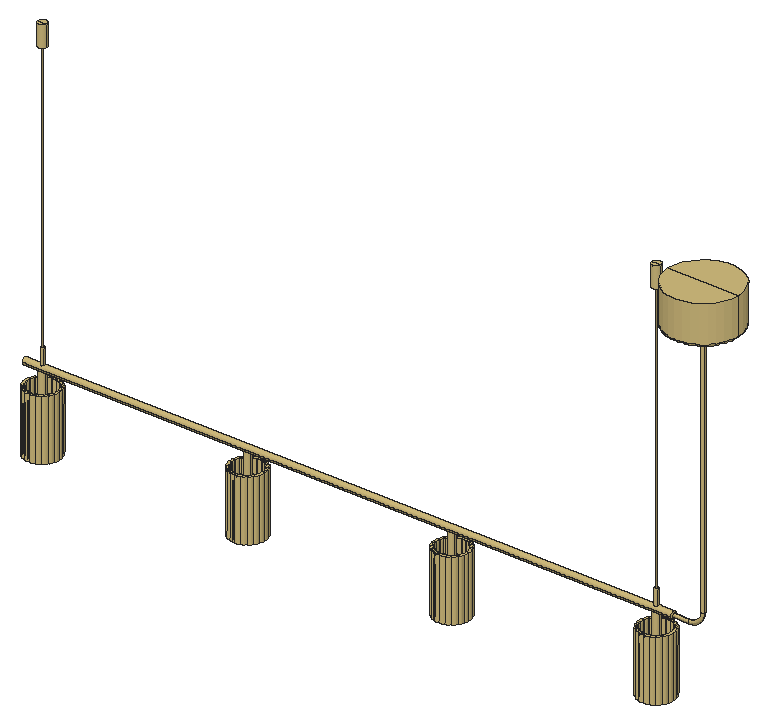
Revit family "Lighting_Pendants_Pholc_Donna_Straight", category Lighting Fixtures, host Ceiling, Revit 2017 (continued)
Definition of nested family "Donna_Straight"
  Automatic sketch dimensions
    curve 298 to curve 347 = 4.222 mm
    curve 321 to curve 315 = 4.095 mm
    curve 334 to curve 308 = 4.095 mm
    curve 315 to curve 323 = 5.176 mm
    curve 308 to curve 332 = 5.176 mm
    curve 332 to curve 331 = 2.612 mm
    curve 323 to curve 324 = 2.612 mm
    curve 309 to curve 330 = 5.751 mm
    curve 314 to curve 325 = 5.751 mm
    curve 330 to curve 310 = 0.875 mm
    curve 325 to curve 313 = 0.875 mm
    curve 313 to curve 312 = 4.813 mm
    curve 310 to curve 311 = 4.813 mm
    curve 311 to curve 328 = 0.949 mm
    curve 312 to curve 327 = 0.949 mm
    curve 240 to curve 240 = 3.271 mm
    curve 224 to curve 224 = 3.271 mm
    curve 164 to curve 164 = 3.271 mm
    curve 294 to curve 294 = 3.271 mm
    curve 278 to curve 278 = 3.271 mm
    curve 342 to curve 342 = 3.271 mm
    plane 1 "Center (Front/Back)" to curve 180 = 9.271 mm
    curve 304 to curve 342 = 2.612 mm
    curve 250 to curve 294 = 2.612 mm
    curve 143 to curve 164 = 2.612 mm
    curve 136 to curve 180 = 2.612 mm
    curve 225 to curve 224 = 2.612 mm
    curve 279 to curve 278 = 2.612 mm
    plane 1 "Center (Front/Back)" to curve 311 = 11.883 mm
    curve 196 to curve 240 = 2.612 mm
    curve 280 to curve 257 = 5.751 mm
    curve 292 to curve 293 = 5.751 mm
    curve 340 to curve 304 = 5.751 mm
    curve 328 to curve 311 = 5.751 mm
    curve 178 to curve 136 = 5.751 mm
    curve 226 to curve 203 = 5.751 mm
    curve 238 to curve 196 = 5.751 mm
    curve 166 to curve 143 = 5.751 mm
    curve 339 to curve 340 = 0.875 mm
    curve 177 to curve 178 = 0.875 mm
    curve 291 to curve 292 = 0.875 mm
    curve 142 to curve 166 = 0.875 mm
    curve 281 to curve 280 = 0.875 mm
    curve 237 to curve 238 = 0.875 mm
    curve 310 to curve 328 = 0.875 mm
    curve 202 to curve 226 = 0.875 mm
    curve 175 to curve 177 = 4.813 mm
    curve 252 to curve 291 = 4.813 mm
    curve 283 to curve 281 = 4.813 mm
    curve 309 to curve 329 = 4.813 mm
    curve 198 to curve 197 = 4.813 mm
    curve 141 to curve 142 = 4.813 mm
    curve 201 to curve 202 = 4.813 mm
    curve 306 to curve 305 = 4.813 mm
    curve 282 to curve 255 = 0.949 mm
    curve 290 to curve 291 = 5.762 mm
    curve 338 to curve 305 = 5.762 mm
    curve 236 to curve 197 = 5.762 mm
    curve 168 to curve 141 = 0.949 mm
    curve 176 to curve 177 = 5.762 mm
    curve 228 to curve 229 = 0.949 mm
    curve 330 to curve 329 = 5.762 mm
    curve 173 to curve 138 = 2.531 mm
    curve 199 to curve 198 = 2.531 mm
    curve 308 to curve 309 = 2.531 mm
    curve 139 to curve 171 = 0 mm
    curve 253 to curve 289 = 2.531 mm
    curve 231 to curve 201 = 2.531 mm
    curve 307 to curve 306 = 2.531 mm
    curve 254 to curve 283 = 2.531 mm
    curve 230 to curve 201 = 5.21 mm
    curve 336 to curve 307 = 2.679 mm
    curve 174 to curve 139 = 2.679 mm
    curve 170 to curve 141 = 5.21 mm
    curve 234 to curve 199 = 2.679 mm
    curve 284 to curve 283 = 5.21 mm
    curve 288 to curve 289 = 5.21 mm
    curve 332 to curve 309 = 5.21 mm
    curve 286 to curve 285 = 4.148 mm
    curve 334 to curve 308 = 4.148 mm
    curve 232 to curve 200 = 4.148 mm
    curve 172 to curve 140 = 4.148 mm
    curve 180 to curve 185 = 3.271 mm
    curve 342 to curve 303 = 1.905 mm
    curve 180 to curve 135 = 1.905 mm
    curve 224 to curve 204 = 1.905 mm
    curve 240 to curve 195 = 1.905 mm
    curve 278 to curve 258 = 1.905 mm
    curve 294 to curve 249 = 1.905 mm
    curve 259 to curve 277 = 1.905 mm
    curve 194 to curve 241 = 1.905 mm
    curve 205 to curve 223 = 1.905 mm
    curve 134 to plane 1 "Center (Front/Back)" = 4.095 mm
    curve 302 to curve 343 = 1.905 mm
    curve 248 to curve 295 = 1.905 mm
    curve 184 to plane 1 "Center (Front/Back)" = 6 mm
    curve 223 to curve 223 = 3.271 mm
    curve 241 to curve 241 = 3.271 mm
    curve 343 to curve 343 = 3.271 mm
    curve 295 to curve 295 = 3.271 mm
    curve 163 to curve 163 = 3.271 mm
    curve 277 to curve 277 = 3.271 mm
    curve 181 to curve 181 = 3.271 mm
    curve 343 to curve 344 = 2.612 mm
    curve 181 to curve 133 = 2.612 mm
    curve 223 to curve 206 = 2.612 mm
    curve 312 to plane 1 "Center (Front/Back)" = 11.883 mm
    curve 241 to curve 193 = 2.612 mm
    curve 295 to curve 296 = 2.612 mm
    curve 277 to curve 260 = 2.612 mm
    curve 163 to curve 162 = 2.612 mm
    curve 301 to curve 345 = 5.751 mm
    curve 260 to curve 275 = 5.751 mm
    curve 146 to curve 161 = 5.751 mm
    curve 247 to curve 297 = 5.751 mm
    curve 133 to curve 183 = 5.751 mm
    curve 193 to curve 243 = 5.751 mm
    curve 206 to curve 221 = 5.751 mm
    curve 312 to curve 327 = 5.751 mm
    curve 275 to curve 274 = 0.875 mm
    curve 327 to curve 313 = 0.875 mm
    curve 183 to curve 150 = 0.875 mm
    curve 161 to curve 160 = 0.875 mm
    curve 297 to curve 246 = 0.875 mm
    curve 243 to curve 210 = 0.875 mm
    curve 345 to curve 300 = 0.875 mm
    curve 221 to curve 207 = 0.875 mm
    curve 313 to curve 314 = 4.813 mm
    curve 132 to curve 152 = 4.813 mm
    curve 300 to curve 299 = 4.813 mm
    curve 264 to curve 245 = 4.813 mm
    curve 207 to curve 208 = 4.813 mm
    curve 210 to curve 212 = 4.813 mm
    curve 147 to curve 148 = 4.813 mm
    curve 274 to curve 272 = 4.813 mm
    curve 264 to curve 265 = 5.762 mm
    curve 208 to curve 219 = 0.949 mm
    curve 210 to curve 211 = 5.762 mm
    curve 314 to curve 325 = 0.949 mm
    curve 300 to curve 317 = 5.762 mm
    curve 262 to curve 273 = 0.949 mm
    curve 148 to curve 159 = 0.949 mm
    curve 132 to curve 151 = 5.762 mm
    curve 245 to curve 268 = 2.531 mm
    curve 131 to curve 130 = 2.531 mm
    curve 148 to curve 156 = 2.531 mm
    curve 212 to curve 214 = 2.531 mm
    curve 190 to curve 216 = 0 mm
    curve 314 to curve 322 = 2.531 mm
    curve 299 to curve 320 = 2.531 mm
    curve 244 to curve 263 = 0 mm
    curve 318 to curve 319 = 5.21 mm
    curve 152 to curve 153 = 5.21 mm
    curve 245 to curve 267 = 5.21 mm
    curve 212 to curve 213 = 5.21 mm
    curve 263 to curve 271 = 2.679 mm
    curve 149 to curve 157 = 2.679 mm
    curve 209 to curve 217 = 2.679 mm
    curve 315 to curve 323 = 2.679 mm
    curve 209 to curve 215 = 4.148 mm
    curve 130 to curve 155 = 4.148 mm
    curve 263 to curve 269 = 4.148 mm
    curve 315 to curve 321 = 4.148 mm
    curve 184 to curve 134 = 0.512 mm
    curve 184 to curve 135 = 0.512 mm
    curve 135 to curve 180 = 0 mm
    curve 134 to curve 181 = 0 mm
    curve 180 to curve 135 = 0.376 mm
    curve 181 to curve 134 = 0.376 mm
    curve 179 to curve 180 = 0 mm
    curve 182 to curve 181 = 0 mm
    curve 136 to curve 178 = 0 mm
    curve 132 to curve 183 = 0 mm
    curve 183 to curve 182 = 0 mm
    curve 178 to curve 179 = 0 mm
    curve 150 to curve 183 = 0 mm
    curve 177 to curve 178 = 0 mm
    curve 151 to curve 150 = 0 mm
    curve 176 to curve 177 = 0 mm
    curve 131 to curve 151 = 0 mm
    curve 137 to curve 176 = 0 mm
    curve 175 to curve 176 = 0 mm
    curve 152 to curve 151 = 0 mm
    curve 153 to curve 152 = 0 mm
    curve 174 to curve 175 = 0 mm
    curve 130 to curve 153 = 0 mm
    curve 139 to curve 174 = 0 mm
    curve 154 to curve 153 = 0 mm
    curve 173 to curve 174 = 0 mm
    curve 363 to curve 187 = 5.292 mm
    curve 172 to curve 173 = 0 mm
    curve 155 to curve 154 = 0 mm
    curve 140 to curve 172 = 0 mm
    curve 130 to curve 155 = 0 mm
    curve 171 to curve 172 = 0 mm
    curve 156 to curve 155 = 0 mm
    curve 157 to curve 156 = 0 mm
    curve 170 to curve 171 = 0 mm
    curve 149 to curve 157 = 0 mm
    curve 141 to curve 170 = 0 mm
    curve 169 to curve 170 = 0 mm
    curve 158 to curve 157 = 0 mm
    curve 159 to curve 158 = 0 mm
    curve 168 to curve 169 = 0 mm
    curve 142 to curve 168 = 0 mm
    curve 147 to curve 159 = 0 mm
    curve 160 to curve 159 = 0 mm
    curve 167 to curve 168 = 0 mm
    curve 166 to curve 167 = 0 mm
    curve 161 to curve 160 = 0 mm
    curve 165 to curve 166 = 0 mm
    curve 162 to curve 161 = 0 mm
    curve 147 to curve 161 = 0 mm
    curve 143 to curve 166 = 0 mm
    curve 164 to curve 165 = 0 mm
    curve 163 to curve 162 = 0 mm
    curve 145 to curve 163 = 0 mm
    curve 143 to curve 164 = 0 mm
    curve 195 to curve 240 = 0 mm
    curve 194 to curve 241 = 0 mm
    curve 241 to curve 194 = 0.376 mm
    curve 240 to curve 195 = 0.376 mm
    curve 242 to curve 241 = 0 mm
    curve 239 to curve 240 = 0 mm
    curve 196 to curve 238 = 0 mm
    curve 193 to curve 243 = 0 mm
    curve 238 to curve 239 = 0 mm
    curve 243 to curve 242 = 0 mm
    curve 210 to curve 243 = 0 mm
    curve 237 to curve 238 = 0 mm
    curve 236 to curve 237 = 0 mm
    curve 211 to curve 210 = 0 mm
    curve 197 to curve 236 = 0 mm
    curve 191 to curve 211 = 0 mm
    curve 235 to curve 236 = 0 mm
    curve 212 to curve 211 = 0 mm
    curve 234 to curve 235 = 0 mm
    curve 213 to curve 212 = 0 mm
    curve 199 to curve 234 = 0 mm
    curve 191 to curve 213 = 0 mm
    curve 233 to curve 234 = 0 mm
    curve 214 to curve 213 = 0 mm
    curve 232 to curve 233 = 0 mm
    curve 215 to curve 214 = 0 mm
    curve 200 to curve 232 = 0 mm
    curve 190 to curve 215 = 0 mm
    curve 231 to curve 232 = 0 mm
    curve 216 to curve 215 = 0 mm
    curve 230 to curve 231 = 0 mm
    curve 217 to curve 216 = 0 mm
    curve 208 to curve 217 = 0 mm
    curve 201 to curve 230 = 0 mm
    curve 218 to curve 217 = 0 mm
    curve 229 to curve 230 = 0 mm
    curve 219 to curve 218 = 0 mm
    curve 228 to curve 229 = 0 mm
    curve 201 to curve 228 = 0 mm
    curve 207 to curve 219 = 0 mm
    curve 220 to curve 219 = 0 mm
    curve 227 to curve 228 = 0 mm
    curve 226 to curve 227 = 0 mm
    curve 221 to curve 220 = 0 mm
    curve 222 to curve 221 = 0 mm
    curve 225 to curve 226 = 0 mm
    curve 206 to curve 221 = 0 mm
    curve 202 to curve 226 = 0 mm
    curve 224 to curve 225 = 0 mm
    curve 223 to curve 222 = 0 mm
    curve 247 to curve 295 = 0 mm
    curve 250 to curve 294 = 0 mm
    curve 294 to curve 249 = 0.376 mm
    curve 295 to curve 248 = 0.376 mm
    curve 296 to curve 295 = 0 mm
    curve 293 to curve 294 = 0 mm
    curve 250 to curve 292 = 0 mm
    curve 246 to curve 297 = 0 mm
    curve 297 to curve 296 = 0 mm
    curve 292 to curve 293 = 0 mm
    curve 264 to curve 297 = 0 mm
    curve 291 to curve 292 = 0 mm
    curve 265 to curve 264 = 0 mm
    curve 290 to curve 291 = 0 mm
    curve 246 to curve 265 = 0 mm
    curve 251 to curve 290 = 0 mm
    curve 289 to curve 290 = 0 mm
    curve 266 to curve 265 = 0 mm
    curve 288 to curve 289 = 0 mm
    curve 267 to curve 266 = 0 mm
    curve 245 to curve 267 = 0 mm
    curve 253 to curve 288 = 0 mm
    curve 268 to curve 267 = 0 mm
    curve 287 to curve 288 = 0 mm
    curve 269 to curve 268 = 0 mm
    curve 286 to curve 287 = 0 mm
    curve 263 to curve 269 = 0 mm
    curve 253 to curve 286 = 0 mm
    curve 285 to curve 286 = 0 mm
    curve 270 to curve 269 = 0 mm
    curve 284 to curve 285 = 0 mm
    curve 271 to curve 270 = 0 mm
    curve 262 to curve 271 = 0 mm
    curve 254 to curve 284 = 0 mm
    curve 283 to curve 284 = 0 mm
    curve 272 to curve 271 = 0 mm
    curve 282 to curve 283 = 0 mm
    curve 273 to curve 272 = 0 mm
    curve 256 to curve 282 = 0 mm
    curve 261 to curve 273 = 0 mm
    curve 281 to curve 282 = 0 mm
    curve 274 to curve 273 = 0 mm
    curve 280 to curve 281 = 0 mm
    curve 275 to curve 274 = 0 mm
    curve 279 to curve 280 = 0 mm
    curve 276 to curve 275 = 0 mm
    curve 257 to curve 280 = 0 mm
    curve 261 to curve 275 = 0 mm
    curve 278 to curve 279 = 0 mm
    curve 277 to curve 276 = 0 mm
    curve 304 to curve 342 = 0 mm
    curve 302 to curve 343 = 0 mm
    curve 342 to curve 303 = 0.376 mm
    curve 343 to curve 302 = 0.376 mm
    curve 341 to curve 342 = 0 mm
    curve 344 to curve 343 = 0 mm
    curve 304 to curve 340 = 0 mm
    curve 300 to curve 345 = 0 mm
    curve 340 to curve 341 = 0 mm
    curve 345 to curve 344 = 0 mm
    curve 339 to curve 340 = 0 mm
    curve 316 to curve 345 = 0 mm
    curve 317 to curve 316 = 0 mm
    curve 338 to curve 339 = 0 mm
    curve 306 to curve 338 = 0 mm
    curve 300 to curve 317 = 0 mm
    curve 318 to curve 317 = 0 mm
    curve 337 to curve 338 = 0 mm
    curve 319 to curve 318 = 0 mm
    curve 336 to curve 337 = 0 mm
    curve 298 to curve 319 = 0 mm
    curve 306 to curve 336 = 0 mm
    curve 335 to curve 336 = 0 mm
    curve 320 to curve 319 = 0 mm
    curve 358 to curve 347 = 5.292 mm
    curve 321 to curve 320 = 0 mm
    curve 334 to curve 335 = 0 mm
    curve 307 to curve 334 = 0 mm
    curve 315 to curve 321 = 0 mm
    curve 333 to curve 334 = 0 mm
    curve 322 to curve 321 = 0 mm
    curve 353 to plane 1 "Center (Front/Back)" = 6 mm
    plane 1 "Center (Front/Back)" to curve 359 = 6 mm
    curve 332 to curve 333 = 0 mm
    curve 323 to curve 322 = 0 mm
    curve 315 to curve 323 = 0 mm
    curve 308 to curve 332 = 0 mm
    curve 331 to curve 332 = 0 mm
    curve 324 to curve 323 = 0 mm
    curve 330 to curve 331 = 0 mm
    curve 325 to curve 324 = 0 mm
    curve 309 to curve 330 = 0 mm
    curve 313 to curve 325 = 0 mm
    curve 329 to curve 330 = 0 mm
    curve 326 to curve 325 = 0 mm
    curve 327 to curve 326 = 0 mm
    curve 328 to curve 329 = 0 mm
    curve 359 to curve 311 = 0.917 mm
    curve 312 to curve 327 = 0 mm
    curve 310 to curve 328 = 0 mm
    curve 327 to curve 312 = 0.28 mm
    curve 346 to curve 360 = 0 mm  (x2)
    curve 346 to curve 311 = 0 mm
    curve 360 to curve 311 = 0 mm
    plane 7 to Extrusion 9 sketch curve = 0 mm
    Extrusion 9 sketch curve to plane 8 = 0 mm
    Extrusion 9 sketch curve to plane 4 = 0 mm
    plane 6 to Extrusion 9 sketch curve = 0 mm
    radius of Extrusion 1 sketch curve = 6 mm
    radius of Sweep 4 sketch curve = 3 mm
    radius of Sweep 8 sketch curve = 1 mm  (x2)
  Nested families
    nested 1: "Donna_LightSource" at (507.872, 0, 0), Metal <- "Metal", type "Donna_LightSource", detail levels medium+fine
      with Metal none
    nested 2: "Donna_LightSource" at (129.872, 0, 0), Metal <- "Metal", type "Donna_LightSource", detail levels medium+fine
      with Metal none
    nested 3: "Donna_LightSource" at (-248.128, 0, 0), Metal <- "Metal", type "Donna_LightSource", detail levels medium+fine
      with Metal none
    nested 4: "Donna_LightSource" at (-628.128, 0, 0), Metal <- "Metal", type "Donna_LightSource", detail levels medium+fine
      with Metal none
  Definition of nested family "Donna_LightSource"
    Parameters (values of type "Donna_LightSource")
      Wattage = 9.2903 W
      built-in parameter 1150110 = 1 (stored number, unit not read)
      built-in parameter 1114217 = 1 (stored number, unit not read)
      Tilt Angle = 90.00°
      built-in parameter 1150109 = 1 (stored number, unit not read)
      built-in parameter 1150134 = (empty or 0)
      built-in parameter 1150113 = 1 (stored number, unit not read)
      built-in parameter 1010507 = 1.5708 (stored number, unit not read)
      built-in parameter 1010506 = 0.5236 (stored number, unit not read)
      Metal [instance] = none
      Lumens = 1380 lm
      built-in parameter 1150115 = 1 (stored number, unit not read)
      built-in parameter 1150105 = 4614.1 (stored number, unit not read)
      Light Source Symbol Length = 1000 mm
      built-in parameter 1150137 = (empty or 0)
      built-in parameter 1150139 = (empty or 0)
      built-in parameter 1150112 = 1 (stored number, unit not read)
      built-in parameter 1150114 = 1 (stored number, unit not read)
      built-in parameter 1150132 = 2
      built-in parameter 1150102 = (empty or 0)
      built-in parameter 1150138 = (empty or 0)
      built-in parameter 1150107 = 3000 (stored number, unit not read)
      built-in parameter 1150106 = 46.141 (stored number, unit not read)
      built-in parameter 1150104 = 13.8 (stored number, unit not read)
      Dimming Lamp Color Temperature Shift = (empty or 0)
      Color Filter = 16777215
      built-in parameter 1114218 = 1 (stored number, unit not read)
      built-in parameter 1150133 = 10 (stored number, unit not read)
    Reference planes
      plane 1 "Light Source Axis (F/B)": y = 0
      plane 2: z = 0
      plane 3 "Light Source Axis (L/R)": x = 0
      plane 4 "Light Source Elevation": z = 84
    Forms (mm)
      Revolve 1, solid, material <- "Metal"
        sketch origin (0, 0, 0) x (1, 0, 0) y (0, 0, 1)
          loop
            line (0, 141) -> (-6, 141) -> (-6, 86) -> (-28, 86) -> (-28, 84) -> (0, 84) -> (0, 141)
          axis (0, 84) -> (0, 141)
        angle from 0 to 360
      Extrusion 2, solid, material <- "Metal"
        sketch origin (-31.667, -40.875, 0) x (1, 0, 0) y (0, 1, 0)
          loop
            arc (31.667, 70.875) -> (26.661, 72.484) -> (22.397, 69.407) r 5.828
            arc (22.397, 69.407) -> (17.138, 69.39) -> (14.034, 65.146) r 5.828
            arc (14.034, 65.146) -> (9.038, 63.505) -> (7.397, 58.509) r 5.828
            arc (7.397, 58.509) -> (3.153, 55.404) -> (3.136, 50.146) r 5.828
            arc (3.136, 50.146) -> (0.059, 45.882) -> (1.667, 40.875) r 5.828
            arc (1.667, 40.875) -> (0.059, 35.869) -> (3.136, 31.605) r 5.828
            arc (3.136, 31.605) -> (3.153, 26.346) -> (7.397, 23.242) r 5.828
            arc (7.397, 23.242) -> (9.038, 18.246) -> (14.034, 16.605) r 5.828
            arc (14.034, 16.605) -> (17.138, 12.361) -> (22.397, 12.344) r 5.828
            arc (22.397, 12.344) -> (26.661, 9.267) -> (31.667, 10.875) r 5.828
            arc (31.667, 10.875) -> (36.674, 9.267) -> (40.938, 12.344) r 5.828
            arc (40.938, 12.344) -> (46.196, 12.361) -> (49.301, 16.605) r 5.828
            arc (49.301, 16.605) -> (54.297, 18.246) -> (55.938, 23.242) r 5.828
            arc (55.938, 23.242) -> (60.182, 26.346) -> (60.199, 31.605) r 5.828
            arc (60.199, 31.605) -> (63.276, 35.869) -> (61.667, 40.875) r 5.828
            arc (61.667, 40.875) -> (63.276, 45.882) -> (60.199, 50.146) r 5.828
            arc (60.199, 50.146) -> (60.182, 55.404) -> (55.938, 58.509) r 5.828
            arc (55.938, 58.509) -> (54.297, 63.505) -> (49.301, 65.146) r 5.828
            arc (49.301, 65.146) -> (46.196, 69.39) -> (40.938, 69.407) r 5.828
            arc (40.938, 69.407) -> (36.674, 72.484) -> (31.667, 70.875) r 5.828
          loop
            arc (34.478, 68.029) -> (31.667, 66.875) -> (28.857, 68.029) r 4
            arc (28.857, 68.029) -> (27.287, 68.534) -> (25.949, 67.568) r 1.828
            arc (25.949, 67.568) -> (23.633, 65.603) -> (20.604, 65.831) r 4
            arc (20.604, 65.831) -> (18.954, 65.826) -> (17.98, 64.495) r 1.828
            arc (17.98, 64.495) -> (16.385, 61.91) -> (13.434, 61.191) r 4
            arc (13.434, 61.191) -> (11.866, 60.676) -> (11.352, 59.109) r 1.828
            arc (11.352, 59.109) -> (10.633, 56.158) -> (8.048, 54.562) r 4
            arc (8.048, 54.562) -> (6.717, 53.588) -> (6.711, 51.939) r 1.828
            arc (6.711, 51.939) -> (6.94, 48.91) -> (4.975, 46.594) r 4
            arc (4.975, 46.594) -> (4.009, 45.256) -> (4.514, 43.686) r 1.828
            arc (4.514, 43.686) -> (5.667, 40.875) -> (4.514, 38.065) r 4
            arc (4.514, 38.065) -> (4.009, 36.495) -> (4.975, 35.157) r 1.828
            arc (4.975, 35.157) -> (6.94, 32.841) -> (6.711, 29.812) r 4
            arc (6.711, 29.812) -> (6.717, 28.162) -> (8.048, 27.189) r 1.828
            arc (8.048, 27.189) -> (10.633, 25.593) -> (11.352, 22.642) r 4
            arc (11.352, 22.642) -> (11.866, 21.074) -> (13.434, 20.56) r 1.828
            arc (13.434, 20.56) -> (16.385, 19.841) -> (17.98, 17.256) r 4
            arc (17.98, 17.256) -> (18.954, 15.925) -> (20.604, 15.919) r 1.828
            arc (20.604, 15.919) -> (23.633, 16.148) -> (25.949, 14.183) r 4
            arc (25.949, 14.183) -> (27.287, 13.217) -> (28.857, 13.722) r 1.828
            arc (28.857, 13.722) -> (31.667, 14.875) -> (34.478, 13.722) r 4
            arc (34.478, 13.722) -> (36.048, 13.217) -> (37.386, 14.183) r 1.828
            arc (37.386, 14.183) -> (39.702, 16.148) -> (42.731, 15.919) r 4
            arc (42.731, 15.919) -> (44.38, 15.925) -> (45.354, 17.256) r 1.828
            arc (45.354, 17.256) -> (46.95, 19.841) -> (49.901, 20.56) r 4
            arc (49.901, 20.56) -> (51.468, 21.074) -> (51.983, 22.642) r 1.828
            arc (51.983, 22.642) -> (52.702, 25.593) -> (55.287, 27.189) r 4
            arc (55.287, 27.189) -> (56.618, 28.162) -> (56.623, 29.812) r 1.828
            arc (56.623, 29.812) -> (56.395, 32.841) -> (58.36, 35.157) r 4
            arc (58.36, 35.157) -> (59.325, 36.495) -> (58.821, 38.065) r 1.828
            arc (58.821, 38.065) -> (57.667, 40.875) -> (58.821, 43.686) r 4
            arc (58.821, 43.686) -> (59.325, 45.256) -> (58.36, 46.594) r 1.828
            arc (58.36, 46.594) -> (56.395, 48.91) -> (56.623, 51.939) r 4
            arc (56.623, 51.939) -> (56.618, 53.588) -> (55.287, 54.562) r 1.828
            arc (55.287, 54.562) -> (52.702, 56.158) -> (51.983, 59.109) r 4
            arc (51.983, 59.109) -> (51.468, 60.676) -> (49.901, 61.191) r 1.828
            arc (49.901, 61.191) -> (46.95, 61.91) -> (45.354, 64.495) r 4
            arc (45.354, 64.495) -> (44.38, 65.826) -> (42.731, 65.831) r 1.828
            arc (42.731, 65.831) -> (39.702, 65.603) -> (37.386, 67.568) r 4
            arc (37.386, 67.568) -> (36.048, 68.534) -> (34.478, 68.029) r 1.828
        from 0 to 111
    Dimensions and locks
      aligned and locked: plane 3 "Light Source Axis (L/R)" to imposter light
      aligned and locked: plane 1 "Light Source Axis (F/B)" to imposter light
      aligned and locked: plane 4 "Light Source Elevation" to imposter light
      aligned and locked: level to plane 2
      aligned and locked: imposter light to Revolve 1
Types (4, lengths in mm): name | TotalWattage | ModelReference | Model | LightFixtureMainMaterial | Color | AssetType | ArticleNumber
  Donna Pendant Line - Linen | 28 W | "962143" | "Donna Pendant Line - Linen" | Linen | "Linen" | "n/a" | "962143"
  Donna Pendant Line - Blush | 28 W | "962144" | "Donna Pendant Line - Blush" | Blush | "Blush" | "n/a" | "962144"
  Donna Pendant Line - Autumn Leaves | 7 W | "962148" | "Donna Pendant Line - Autumn Leaves" | Autumn leaves | "Autumn Leaves" | "Fixed" | "962148"
  Donna Pendant Line - Black Ink | 28 W | "962145" | "Donna Pendant Line - Black Ink" | Black ink | "Black Ink" | "n/a" | "962145"
